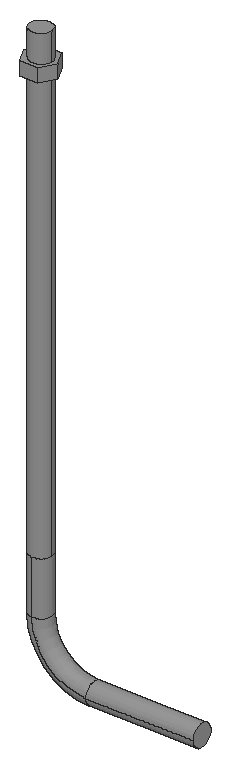
Revit family "050523 - Metal Fastenings - Bent Anchor Bolt", category Generic Models, Revit 2019
Family settings
  Can host rebar = No
  Round Connector Dimension = Use Diameter
  Part Type = Normal
  Work Plane-Based = Yes
  Always vertical = No
  Cut with Voids When Loaded = No
  Shared = No
  Room Calculation Point = No
Parameters (values of type "#10")
  Side = Head Size * 0.57812  # 0' - 0.1626"
  Radius = Diameter / 2  # 0' - 0.09961"
  Length = 0' - 4"
  Head Size = 0' - 0 9/32"
  Head Radius = Head Size / 2  # 0' - 0 9/64"
  Head Height = 0' - 0 1/8"
  Diameter = 0' - 0 51/256"
  Default Elevation = 4' - 0"
  Bolt Material (Size) = 5/8" GALV. ANCHOR BOLT @ 24" O.C. (6" MIN. EMBEDMENT)
Types (8): name | Side | Radius | Length | Head Size | Head Radius | Head Height | Diameter | Bolt Material (Size)
  3/4" | 0' - 0.65039" | 0' - 0 3/8" | 0' - 4" | 0' - 1 1/8" | 0' - 0 9/16" | 0' - 0 1/2" | 0' - 0 3/4" | 5/8" GALV. ANCHOR BOLT @ 24" O.C. (6" MIN. EMBEDMENT)
  1/2" | 0' - 0 111/256" | 0' - 0 1/4" | 0' - 8" | 0' - 0 3/4" | 0' - 0 3/8" | 0' - 0 1/2" | 0' - 0 1/2" | 1/2" ANCHOR BOLTS (7" MIN. EMBED) AT 72" MIN O.C. SPACING (18" MAX. FROM CORNERS)
  3/8" | 0' - 0.3252" | 0' - 0 3/16" | 0' - 4" | 0' - 0 9/16" | 0' - 0 9/32" | 0' - 0 1/4" | 0' - 0 3/8" | 3/8" X GALV LAG BOLT (HOLE 15/32")
  5/8" | 0' - 0.54199" | 0' - 0 5/16" | 0' - 10 1/2" | 0' - 0 15/16" | 0' - 0 15/32" | 0' - 0 27/64" | 0' - 0 5/8" | 5/8" GALV. ANCHOR BOLT @ 24" O.C. (6" MIN. EMBEDMENT)
  7/8" | 0' - 0.75879" | 0' - 0 7/16" | 0' - 4" | 0' - 1 5/16" | 0' - 0 21/32" | 0' - 0 37/64" | 0' - 0 7/8" | 5/8" GALV. ANCHOR BOLT @ 24" O.C. (6" MIN. EMBEDMENT)
  1" | 0' - 0 111/128" | 0' - 0 1/2" | 0' - 4" | 0' - 1 1/2" | 0' - 0 3/4" | 0' - 0 43/64" | 0' - 1" | 5/8" GALV. ANCHOR BOLT @ 24" O.C. (6" MIN. EMBEDMENT)
  1/4" | 0' - 0.25293" | 0' - 0 1/8" | 0' - 4" | 0' - 0 7/16" | 0' - 0 7/32" | 0' - 0 11/64" | 0' - 0 1/4" | 5/8" GALV. ANCHOR BOLT @ 24" O.C. (6" MIN. EMBEDMENT)
  #10 | 0' - 0.1626" | 0' - 0.09961" | 0' - 4" | 0' - 0 9/32" | 0' - 0 9/64" | 0' - 0 1/8" | 0' - 0 51/256" | 5/8" GALV. ANCHOR BOLT @ 24" O.C. (6" MIN. EMBEDMENT)
Reference planes (in)
  plane 1 "Center (Front/Back)": y = 0
  plane 2: z = 0
  plane 3 "Center (Left/Right)": x = 0
  plane 4: z = 0.125
  plane 5: z = -4
  plane 6: y = 0
  plane 7: x = 0
  plane 8: z = 0.375
Forms (in)
  Extrusion 1, solid, material "5/8" GALV. ANCHOR BOLT @ 24" O.C. (6" MIN. EMBEDMENT)" <- "Bolt Material (Size)"
    sketch origin (0, 0, 0) x (1, 0, 0) y (0, 1, 0)
      loop
        line (-0.08119, 0.14062) -> (-0.16238, 0) -> (-0.08119, -0.14063) -> (0.08119, -0.14063) -> (0.16238, 0) -> (0.08119, 0.14062) -> (-0.08119, 0.14062)
    from 0 to 0.125
  Extrusion 2, solid, material "5/8" GALV. ANCHOR BOLT @ 24" O.C. (6" MIN. EMBEDMENT)" <- "Bolt Material (Size)"
    sketch origin (0, 0, 0) x (1, 0, 0) y (0, 1, 0)
      loop
        circle (0, 0) r 0.09961
    from -4 to 0.375
  Sweep 3, solid, material "5/8" GALV. ANCHOR BOLT @ 24" O.C. (6" MIN. EMBEDMENT)" <- "Bolt Material (Size)"
    path origin (0, 0, 0) x (1, 0, 0) y (0, 0, 1)
      loop
        line (0, -4) -> (0, -4.5)
        arc (0, -4.5) -> (0.14645, -4.85355) -> (0.5, -5) r 0.5
        line (0.5, -5) -> (1.5, -5)
    profile origin (0, 0, -4.25) x (0, -1, 0) y (1, 0, 0)
      loop
        circle (0, 0) r 0.09961
Cuts and joins
  joined: Extrusion 2, Sweep 3
Lines and regions (in)
  model lines, style "InvisibleLines"
    curve 1: line (0, -0.14063, 0.125) -> (0, 0.14062, 0.125)
    curve 2: line (0.16238, 0, 0.125) -> (-0.16238, 0, 0.125)
Dimensions and locks (in)
  "Head Height": plane 4 to level
  "Length": level to plane 5
  "Head Radius": Extrusion 1 sketch curve to plane 3 "Center (Left/Right)"
  "Head Radius": Extrusion 1 sketch curve to plane 7
  "Head Radius": Extrusion 1 sketch curve to plane 6  (x4)
  plane 8 to plane 4 = 0' - 0 1/4"
  locked: plane 5 to Sweep 3 sketch curve at 1
  "Radius": radius of Extrusion 2 sketch curve
  "Radius": radius of Sweep 3 sketch curve
  locked: Extrusion 1 sketch curve to Extrusion 1 sketch curve (angle 120.00°)  (x5)
  aligned and locked: level to plane 2
  aligned and locked: Extrusion 1 to plane 4
  aligned and locked: Extrusion 2 to plane 5
  aligned and locked: plane 7 to curve 1
  aligned and locked: plane 6 to curve 2
  aligned and locked: plane 8 to Extrusion 2
Automatic sketch dimensions
  curve 2 to Extrusion 1 = 0' - 0"
  curve 1 to Extrusion 1 = 0' - 0"
  Extrusion 1 to curve 1 = 0' - 0"
  Extrusion 1 to curve 2 = 0' - 0"
  plane 3 "Center (Left/Right)" to Sweep 3 sketch curve = 0' - 0"
  Sweep 3 sketch curve to plane 5 = 0' - 0"
  Sweep 3 sketch curve to plane 5 = 0' - 0 1/2"
  Sweep 3 sketch curve to Sweep 3 sketch curve = 0' - 1"
  plane 1 "Center (Front/Back)" to Extrusion 2 sketch curve = 0' - 0"
  Extrusion 2 sketch curve to plane 3 "Center (Left/Right)" = 0' - 0"
  plane 1 "Center (Front/Back)" to Sweep 3 sketch curve = 0' - 0"
  Sweep 3 sketch curve to profile plane = 0' - 0"
